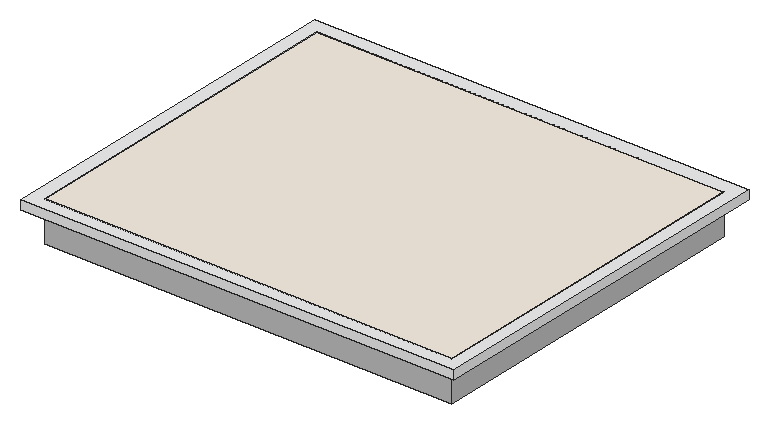
Revit family "Lighting-Industrial-GEWISS-ELIA-HL-LED_HIGHBAY", category Apparecchi per illuminazione, host Superficie, Revit 2019 (continued)
Types (12, lengths in mm): name | Weight (kg): | Weight (kg) | Voltage | Technical sheet | System power | Optic | built-in parameter 1150142 | Lumen output (lm) | Model | IDT | File diagramma fotometrico | Description
  GWF1001MH840 - ELIA HL M2 60° 4000K S.ALONE DALI | "3,9" | "3,9" | "220-240 V " | "https://www.gewiss.com/ww/en/search?q=GWF1100VC874" | "120W" | "60°" | "IESNA:LM-63-1995\r\n[TEST] HB25-120-4080-60D-H00111\r\n[DATE] 27 Nov 2019\r\n[MANUFAC] GEWISS\r\n[LUMCAT] GWF1001MH840\r\n[LUMINAIRE] ELIA HL - M2 60° LED840 120W - DALI\r\n[FLASHAREA] 0.013851\r\n[LAMPCAT] LED 120W/16900lm\r\n[LAMP] LED 120W/16900lm\r\nTILT=NONE\r\n1 16900.00 1.0 181 37 1 2 -0.270 0.000 0.000\r\n1.00 1.00 120.00\r\n0.00 0.50 1.00 1.50 2.00 2.50 3.00 3.50 4.00 4.50 5.00 \r\n5.50 6.00 6.50 7.00 7.50 8.00 8.50 9.00 9.50 10.00 10.50 \r\n11.00 11.50 12.00 12.50 13.00 13.50 14.00 14.50 15.00 \r\n15.50 16.00 16.50 17.00 17.50 18.00 18.50 19.00 19.50 \r\n20.00 20.50 21.00 21.50 22.00 22.50 23.00 23.50 24.00 \r\n24.50 25.00 25.50 26.00 26.50 27.00 27.50 28.00 28.50 \r\n29.00 29.50 30.00 30.50 31.00 31.50 32.00 32.50 33.00 \r\n33.50 34.00 34.50 35.00 35.50 36.00 36.50 37.00 37.50 \r\n38.00 38.50 39.00 39.50 40.00 40.50 41.00 41.50 42.00 \r\n42.50 43.00 43.50 44.00 44.50 45.00 45.50 46.00 46.50 \r\n47.00 47.50 48.00 48.50 49.00 49.50 50.00 50.50 51.00 \r\n51.50 52.00 52.50 53.00 53.50 54.00 54.50 55.00 55.50 \r\n56.00 56.50 57.00 57.50 58.00 58.50 59.00 59.50 60.00 \r\n60.50 61.00 61.50 62.00 62.50 63.00 63.50 64.00 64.50 \r\n65.00 65.50 66.00 66.50 67.00 67.50 68.00 68.50 69.00 \r\n69.50 70.00 70.50 71.00 71.50 72.00 72.50 73.00 73.50 \r\n74.00 74.50 75.00 75.50 76.00 76.50 77.00 77.50 78.00 \r\n78.50 79.00 79.50 80.00 80.50 81.00 81.50 82.00 82.50 \r\n83.00 83.50 84.00 84.50 85.00 85.50 86.00 86.50 87.00 \r\n87.50 88.00 88.50 89.00 89.50 90.00 \r\n0.00 2.50 5.00 7.50 10.00 12.50 15.00 17.50 20.00 22.50 \r\n25.00 27.50 30.00 32.50 35.00 37.50 40.00 42.50 45.00 \r\n47.50 50.00 52.50 55.00 57.50 60.00 62.50 65.00 67.50 \r\n70.00 72.50 75.00 77.50 80.00 82.50 85.00 87.50 90.00 \r\n12448.54 12448.54 12443.47 12435.02 12421.50 12404.60 \r\n12387.70 12369.11 12347.14 12323.48 12298.13 12271.09 \r\n12240.67 12208.56 12171.38 12132.51 12088.57 12042.94 \r\n11995.62 11944.92 11892.53 11838.45 11780.99 11723.53 \r\n11664.38 11603.54 11541.01 11475.10 11407.50 11336.52 \r\n11262.16 11184.42 11103.30 11022.18 10939.37 10854.87 \r\n10768.68 10680.80 10591.23 10503.35 10412.09 10317.45 \r\n10217.74 10112.96 10003.11 9888.19 9768.20 9641.45 \r\n9513.01 9382.88 9249.37 9109.10 8965.45 8820.11 8668.01 \r\n8500.70 8323.25 8135.66 7943.00 7750.34 7555.99 7359.95 \r\n7165.60 6974.63 6790.42 6612.97 6440.59 6273.28 6109.35 \r\n5948.80 5788.25 5629.39 5470.53 5311.67 5156.19 5004.09 \r\n4855.37 4706.65 4561.31 4419.35 4282.46 4148.95 4020.51 \r\n3895.45 3773.77 3648.71 3523.65 3401.97 3285.36 3172.13 \r\n3062.28 2957.50 2856.10 2758.08 2660.06 2562.04 2465.71 \r\n2374.45 2286.57 2197.00 2112.50 2033.07 1958.71 1887.73 \r\n1818.44 1754.22 1691.69 1628.65 1566.80 1509.85 1455.26 \r\n1401.18 1348.28 1295.72 1244.68 1196.52 1150.21 1105.09 \r\n1062.16 1023.29 986.11 947.75 910.57 877.28 845.51 814.24 \r\n783.65 753.23 724.33 699.32 675.15 648.62 622.43 599.11 \r\n576.97 554.83 534.04 516.80 500.41 482.66 464.24 444.64 \r\n424.70 405.09 386.84 371.29 357.60 345.10 332.93 318.56 \r\n304.03 290.51 278.00 266.51 256.03 246.91 239.64 235.42 \r\n231.70 226.46 219.02 207.53 194.69 182.35 170.01 157.63 \r\n144.65 130.32 115.21 99.57 83.67 67.36 52.15 39.73 29.27 \r\n20.42 13.37 8.39 5.11 3.23 2.85 \r\n12448.54 12448.54 12443.47 12435.02 12422.34 12405.44 \r\n12387.70 12368.26 12347.98 12324.32 12298.13 12271.09 \r\n12240.67 12206.87 12170.53 12129.97 12086.88 12042.09 \r\n11993.93 11943.23 11892.53 11837.60 11781.83 11724.37 \r\n11666.91 11606.07 11541.85 11475.94 11408.34 11337.36 \r\n11263.00 11184.42 11104.14 11023.02 10940.22 10855.72 \r\n10769.52 10681.64 10592.92 10504.19 10412.93 10318.29 \r\n10219.43 10115.49 10005.64 9889.03 9768.20 9642.29 \r\n9513.01 9382.88 9249.37 9109.94 8967.14 8821.80 8668.85 \r\n8502.39 8324.94 8138.19 7946.38 7752.03 7558.52 7363.33 \r\n7171.51 6982.23 6798.02 6619.73 6448.19 6278.35 6113.57 \r\n5952.18 5791.63 5631.08 5472.22 5313.36 5156.19 5004.09 \r\n4854.52 4708.34 4563.85 4423.57 4286.68 4153.17 4023.89 \r\n3898.83 3776.30 3651.24 3527.03 3404.50 3285.36 3171.28 \r\n3060.59 2954.96 2851.87 2752.16 2654.99 2556.13 2459.80 \r\n2368.53 2279.81 2191.09 2106.59 2028.84 1954.48 1882.66 \r\n1815.06 1749.99 1687.63 1624.43 1563.08 1506.04 1451.37 \r\n1397.63 1344.90 1292.60 1241.64 1193.06 1146.24 1101.04 \r\n1058.11 1019.15 981.72 943.70 907.02 873.48 841.70 810.44 \r\n780.02 749.85 721.12 696.20 672.03 646.00 620.40 597.33 \r\n575.36 553.14 532.27 514.52 497.79 480.30 462.30 443.37 \r\n424.11 404.92 386.76 370.87 356.51 343.83 331.41 317.38 \r\n303.27 290.17 277.75 266.17 255.78 246.74 239.39 234.91 \r\n231.11 226.12 219.11 207.53 194.52 182.44 170.10 157.84 \r\n144.91 130.55 115.44 99.88 84.14 68.15 53.18 40.67 29.96 \r\n20.87 13.63 8.55 5.22 3.29 2.86 \r\n12448.54 12448.54 12443.47 12435.02 12422.34 12406.29 \r\n12387.70 12369.11 12347.98 12324.32 12298.13 12269.40 \r\n12239.82 12205.18 12168.00 12128.28 12085.19 12039.56 \r\n11991.39 11943.23 11890.84 11837.60 11782.68 11726.06 \r\n11666.91 11606.92 11542.70 11476.79 11409.19 11337.36 \r\n11263.00 11185.26 11104.14 11023.02 10939.37 10854.87 \r\n10768.68 10682.49 10593.76 10505.04 10413.78 10319.98 \r\n10221.12 10116.34 10006.49 9889.88 9769.04 9642.29 \r\n9513.01 9382.03 9248.52 9110.79 8967.98 8822.64 8669.70 \r\n8503.23 8326.63 8139.88 7947.22 7753.72 7558.52 7365.86 \r\n7175.74 6988.15 6804.78 6627.33 6454.11 6283.42 6116.95 \r\n5953.87 5794.16 5632.77 5472.22 5313.36 5156.19 5003.24 \r\n4854.52 4707.49 4564.69 4425.27 4288.38 4156.55 4027.27 \r\n3902.21 3778.84 3652.93 3527.03 3404.50 3284.51 3169.59 \r\n3058.05 2950.74 2846.80 2747.09 2648.23 2549.36 2453.03 \r\n2361.77 2273.05 2185.17 2101.51 2022.93 1949.41 1877.59 \r\n1809.99 1744.92 1682.31 1619.61 1558.77 1501.65 1446.72 \r\n1393.15 1340.85 1288.79 1238.09 1189.08 1141.85 1096.56 \r\n1053.80 1014.59 977.07 939.30 902.97 869.50 837.56 806.47 \r\n776.05 746.13 717.74 692.65 668.56 642.96 617.86 595.22 \r\n573.33 551.36 530.41 512.15 494.92 477.59 460.10 441.77 \r\n423.26 404.50 386.42 370.19 355.32 342.31 329.89 316.11 \r\n302.51 289.50 277.24 265.75 255.36 246.40 239.13 234.57 \r\n230.60 225.78 218.94 207.45 194.43 182.44 170.27 158.01 \r\n145.14 130.76 115.63 100.14 84.53 68.84 54.09 41.46 30.55 \r\n21.26 13.85 8.70 5.33 3.34 2.87 \r\n12448.54 12448.54 12443.47 12435.86 12423.19 12406.29 \r\n12388.54 12369.11 12347.14 12323.48 12297.28 12268.56 \r\n12238.13 12203.49 12165.47 12125.75 12083.50 12037.87 \r\n11990.55 11940.69 11890.84 11837.60 11782.68 11726.06 \r\n11667.76 11606.92 11544.39 11478.48 11409.19 11338.21 \r\n11263.00 11184.42 11104.14 11022.18 10939.37 10854.87 \r\n10769.52 10681.64 10593.76 10505.88 10414.63 10320.83 \r\n10221.97 10117.18 10006.49 9889.88 9768.20 9642.29 \r\n9513.01 9381.19 9247.68 9109.94 8967.98 8822.64 8670.54 \r\n8504.08 8326.63 8140.73 7948.07 7753.72 7559.37 7367.55 \r\n7179.12 6993.22 6809.85 6632.40 6459.18 6287.64 6119.49 \r\n5955.56 5794.16 5632.77 5472.22 5311.67 5154.50 5001.55 \r\n4853.68 4707.49 4565.53 4426.95 4290.91 4158.24 4029.80 \r\n3903.90 3779.68 3652.93 3527.03 3403.66 3282.82 3167.06 \r\n3054.67 2946.51 2841.73 2740.34 2640.63 2541.76 2444.59 \r\n2353.32 2265.45 2179.25 2095.60 2017.01 1942.65 1872.52 \r\n1804.07 1739.01 1676.40 1614.12 1553.70 1496.58 1441.57 \r\n1388.17 1336.11 1284.48 1233.87 1184.61 1137.03 1091.91 \r\n1049.24 1009.77 972.09 934.74 898.74 865.20 833.25 802.16 \r\n771.99 742.25 714.02 688.93 664.85 639.75 615.24 592.77 \r\n571.14 549.25 528.29 509.70 491.96 474.72 457.57 439.91 \r\n422.08 403.74 385.91 369.43 354.14 340.79 328.20 314.68 \r\n301.41 288.74 276.65 265.25 254.94 246.15 238.97 234.32 \r\n230.18 225.36 218.69 207.19 194.18 182.27 170.28 158.15 \r\n145.32 130.92 115.78 100.36 84.87 69.43 54.87 42.13 31.02 \r\n21.58 14.04 8.83 5.42 3.39 2.87 \r\n12448.54 12448.54 12443.47 12435.02 12423.19 12407.13 \r\n12388.54 12369.11 12347.98 12323.48 12295.59 12267.71 \r\n12236.44 12201.80 12163.77 12124.06 12081.81 12036.18 \r\n11988.86 11939.85 11888.31 11836.76 11782.68 11726.91 \r\n11668.60 11608.61 11544.39 11478.48 11409.19 11338.21 \r\n11263.00 11184.42 11103.30 11021.33 10939.37 10854.87 \r\n10769.52 10681.64 10593.76 10505.88 10414.63 10320.83 \r\n10222.81 10118.03 10006.49 9889.88 9768.20 9641.45 \r\n9511.32 9381.19 9247.68 9109.94 8968.83 8822.64 8669.70 \r\n8504.08 8327.47 8140.73 7948.91 7753.72 7559.37 7369.24 \r\n7182.50 6997.44 6815.77 6638.32 6462.56 6290.18 6121.18 \r\n5957.25 5794.16 5632.77 5471.37 5309.98 5151.97 4999.86 \r\n4851.99 4706.65 4565.53 4426.95 4292.60 4159.93 4030.65 \r\n3904.74 3779.68 3652.93 3526.18 3401.97 3281.13 3164.52 \r\n3050.45 2941.45 2835.82 2733.57 2633.02 2534.15 2436.98 \r\n2345.72 2258.68 2172.49 2089.68 2011.10 1937.59 1865.76 \r\n1798.16 1733.09 1670.06 1608.20 1548.29 1491.09 1435.91 \r\n1382.76 1330.96 1279.67 1229.31 1179.70 1132.05 1087.09 \r\n1044.50 1004.79 967.02 930.01 894.35 860.97 828.86 797.85 \r\n767.77 738.28 710.22 685.13 661.04 636.37 612.29 590.15 \r\n568.77 547.05 526.01 507.08 489.09 471.76 454.78 437.79 \r\n420.64 402.81 385.32 368.50 352.87 339.27 326.42 313.24 \r\n300.31 287.81 275.89 264.65 254.43 245.98 238.88 234.06 \r\n229.76 225.02 218.43 206.94 193.93 182.18 170.32 158.24 \r\n145.44 131.03 115.88 100.51 85.13 69.91 55.52 42.68 31.40 \r\n21.83 14.19 8.94 5.50 3.43 2.87 \r\n12448.54 12448.54 12443.47 12435.02 12423.19 12407.13 \r\n12389.39 12369.11 12347.14 12322.63 12295.59 12266.02 \r\n12234.75 12199.26 12161.24 12121.52 12079.27 12034.49 \r\n11988.01 11938.16 11888.31 11835.91 11782.68 11726.91 \r\n11669.45 11609.45 11545.23 11479.32 11410.03 11337.36 \r\n11262.16 11184.42 11103.30 11021.33 10937.68 10854.02 \r\n10768.68 10682.49 10593.76 10505.88 10414.63 10320.83 \r\n10223.66 10118.88 10006.49 9889.88 9767.35 9641.45 \r\n9511.32 9380.34 9246.83 9109.94 8968.83 8823.49 8669.70 \r\n8503.23 8326.63 8140.73 7948.07 7754.56 7560.22 7371.78 \r\n7185.03 7000.82 6819.99 6642.55 6466.78 6292.72 6122.02 \r\n5956.40 5793.32 5630.23 5468.84 5308.29 5149.43 4998.17 \r\n4850.30 4705.80 4564.69 4427.80 4292.60 4160.78 4031.49 \r\n3904.74 3778.84 3651.24 3525.34 3400.28 3278.60 3160.30 \r\n3046.22 2936.37 2830.75 2726.81 2626.26 2525.70 2430.22 \r\n2338.11 2251.92 2165.74 2082.92 2005.18 1931.67 1859.84 \r\n1791.40 1727.18 1663.47 1602.04 1542.55 1485.26 1429.91 \r\n1377.01 1325.55 1274.43 1224.32 1174.72 1126.81 1082.02 \r\n1039.77 999.89 961.95 925.19 889.95 856.49 824.38 793.45 \r\n763.54 734.22 706.42 681.15 657.07 632.74 609.24 587.36 \r\n566.15 544.69 523.82 504.46 486.13 468.72 451.91 435.43 \r\n418.95 401.71 384.56 367.57 351.60 337.75 324.82 311.80 \r\n299.21 286.96 275.22 263.98 253.92 245.64 238.88 233.81 \r\n229.25 224.52 218.01 206.52 193.59 181.93 170.27 158.28 \r\n145.52 131.09 115.94 100.62 85.33 70.29 56.04 43.11 31.68 \r\n22.02 14.32 9.03 5.57 3.47 2.87 \r\n12448.54 12448.54 12443.47 12435.02 12423.19 12407.98 \r\n12389.39 12369.11 12346.29 12321.79 12294.75 12265.17 \r\n12233.06 12197.57 12159.55 12119.83 12076.74 12032.80 \r\n11986.32 11937.31 11887.46 11835.91 11782.68 11727.75 \r\n11670.29 11609.45 11546.08 11480.17 11410.03 11338.21 \r\n11263.00 11184.42 11104.14 11021.33 10937.68 10854.02 \r\n10768.68 10682.49 10594.61 10506.73 10415.47 10321.67 \r\n10224.50 10118.88 10007.33 9889.88 9767.35 9640.60 \r\n9511.32 9379.50 9245.99 9110.79 8968.83 8823.49 8669.70 \r\n8502.39 8326.63 8140.73 7948.07 7754.56 7561.06 7372.62 \r\n7187.57 7005.05 6824.22 6645.92 6469.32 6294.40 6122.87 \r\n5955.56 5792.47 5629.39 5467.15 5306.60 5147.74 4995.64 \r\n4848.61 4704.96 4564.69 4426.95 4292.60 4160.78 4031.49 \r\n3903.90 3777.99 3649.55 3522.80 3397.74 3275.22 3156.07 \r\n3041.15 2931.30 2824.84 2720.05 2618.65 2518.95 2421.77 \r\n2330.51 2243.47 2158.13 2077.01 1999.27 1924.91 1853.93 \r\n1785.48 1719.57 1656.88 1595.78 1536.72 1479.26 1423.82 \r\n1371.10 1319.89 1269.11 1219.17 1169.56 1121.65 1077.12 \r\n1035.04 995.07 956.96 920.54 885.64 852.18 820.07 789.15 \r\n759.40 730.33 702.70 677.35 653.18 629.19 606.12 584.57 \r\n563.62 542.32 521.53 501.93 483.26 465.68 449.03 432.98 \r\n417.09 400.45 383.71 366.65 350.42 336.23 323.13 310.28 \r\n297.95 285.86 274.37 263.30 253.33 245.47 238.88 233.64 \r\n228.91 224.09 217.50 206.01 193.08 181.67 170.12 158.24 \r\n145.50 131.08 115.94 100.66 85.45 70.57 56.45 43.44 31.86 \r\n22.15 14.41 9.11 5.63 3.50 2.87 \r\n12448.54 12448.54 12443.47 12435.02 12423.19 12407.98 \r\n12388.54 12369.11 12346.29 12320.94 12293.90 12263.48 \r\n12231.37 12195.04 12157.01 12117.30 12075.89 12031.11 \r\n11984.63 11936.47 11886.61 11835.07 11782.68 11728.60 \r\n11670.29 11610.30 11547.77 11480.17 11410.03 11338.21 \r\n11263.00 11184.42 11104.14 11020.49 10936.83 10853.18 \r\n10768.68 10683.33 10595.45 10506.73 10416.31 10322.52 \r\n10224.50 10119.72 10006.49 9889.03 9767.35 9640.60 \r\n9510.47 9379.50 9245.99 9110.79 8970.52 8823.49 8669.70 \r\n8502.39 8326.63 8140.73 7948.91 7755.41 7562.75 7375.16 \r\n7190.10 7008.43 6827.60 6648.46 6471.85 6296.09 6122.87 \r\n5955.56 5791.63 5627.70 5464.61 5304.06 5146.05 4993.95 \r\n4846.92 4703.27 4563.00 4426.11 4291.75 4159.93 4030.65 \r\n3902.21 3775.46 3647.02 3519.42 3393.52 3271.84 3151.85 \r\n3036.09 2926.23 2818.92 2714.14 2611.89 2511.34 2414.16 \r\n2323.75 2236.71 2152.21 2070.25 1993.35 1918.15 1848.01 \r\n1779.57 1713.66 1650.28 1589.53 1530.80 1473.17 1417.57 \r\n1365.10 1314.23 1263.78 1214.01 1164.49 1116.58 1072.31 \r\n1030.56 990.42 952.15 915.98 881.42 847.96 815.85 785.09 \r\n755.35 726.53 698.90 673.46 649.30 625.72 603.08 581.78 \r\n561.00 540.04 519.34 499.48 480.55 462.89 446.08 430.53 \r\n415.15 399.18 382.70 365.63 349.15 334.79 321.52 308.85 \r\n296.76 284.85 273.53 262.54 252.74 245.22 238.88 233.56 \r\n228.49 223.50 216.83 205.50 192.66 181.34 170.03 158.12 \r\n145.40 131.01 115.90 100.66 85.49 70.77 56.75 43.66 31.97 \r\n22.22 14.48 9.17 5.68 3.53 2.87 \r\n12448.54 12448.54 12442.62 12435.02 12423.19 12407.13 \r\n12389.39 12368.26 12345.45 12320.10 12293.06 12262.64 \r\n12230.53 12193.35 12154.48 12115.61 12074.20 12029.42 \r\n11982.94 11935.62 11885.77 11835.07 11783.52 11728.60 \r\n11671.14 11611.14 11547.77 11480.17 11410.88 11338.21 \r\n11263.00 11185.26 11104.14 11021.33 10937.68 10853.18 \r\n10769.52 10683.33 10596.30 10507.57 10416.31 10323.36 \r\n10226.19 10120.56 10008.18 9890.72 9768.20 9641.45 \r\n9512.16 9381.19 9246.83 9111.63 8971.36 8825.18 8670.54 \r\n8503.23 8326.63 8140.73 7949.76 7757.10 7564.44 7377.69 \r\n7193.48 7010.97 6830.98 6651.84 6473.55 6296.94 6122.87 \r\n5955.56 5790.78 5626.01 5463.77 5301.53 5144.36 4992.26 \r\n4845.23 4701.58 4563.00 4425.27 4290.91 4158.24 4029.80 \r\n3900.52 3772.92 3643.64 3516.05 3390.98 3267.61 3147.62 \r\n3031.01 2920.32 2813.00 2708.22 2604.29 2504.58 2408.25 \r\n2316.14 2229.95 2146.30 2064.34 1987.44 1913.08 1842.10 \r\n1774.50 1707.74 1644.03 1583.53 1525.06 1467.34 1411.66 \r\n1359.27 1308.57 1258.37 1208.94 1159.51 1111.77 1067.74 \r\n1026.25 986.03 947.58 911.75 877.45 843.99 811.88 781.12 \r\n751.63 722.90 695.52 669.92 645.66 622.43 600.12 578.99 \r\n558.46 537.76 517.22 497.20 478.02 460.10 443.37 428.16 \r\n413.20 397.74 381.86 364.70 347.97 333.52 320.09 307.50 \r\n295.58 283.84 272.68 261.87 252.15 244.97 238.97 233.47 \r\n228.07 222.91 216.15 204.74 192.07 181.00 169.76 157.94 \r\n145.20 130.85 115.78 100.57 85.47 70.86 56.94 43.77 31.99 \r\n22.25 14.52 9.21 5.72 3.55 2.87 \r\n12448.54 12447.69 12442.62 12435.02 12423.19 12407.13 \r\n12389.39 12368.26 12346.29 12320.10 12292.22 12261.79 \r\n12227.99 12192.50 12153.63 12114.76 12072.51 12028.57 \r\n11982.94 11934.78 11884.92 11835.07 11783.52 11728.60 \r\n11671.98 11611.99 11547.77 11481.01 11410.88 11338.21 \r\n11263.00 11185.26 11104.99 11022.18 10937.68 10854.02 \r\n10769.52 10685.02 10597.14 10509.26 10418.00 10325.06 \r\n10227.03 10121.41 10009.02 9891.57 9769.04 9642.29 \r\n9513.01 9382.03 9249.37 9113.32 8973.90 8826.87 8671.39 \r\n8504.08 8327.47 8142.42 7951.45 7758.79 7567.82 7381.07 \r\n7196.86 7014.34 6834.36 6655.22 6476.08 6297.78 6123.72 \r\n5955.56 5789.94 5624.32 5461.23 5300.68 5143.52 4991.41 \r\n4844.38 4701.58 4561.31 4424.42 4289.22 4157.40 4027.27 \r\n3898.83 3769.55 3641.10 3512.66 3387.60 3263.39 3143.40 \r\n3025.95 2915.25 2807.93 2702.31 259
